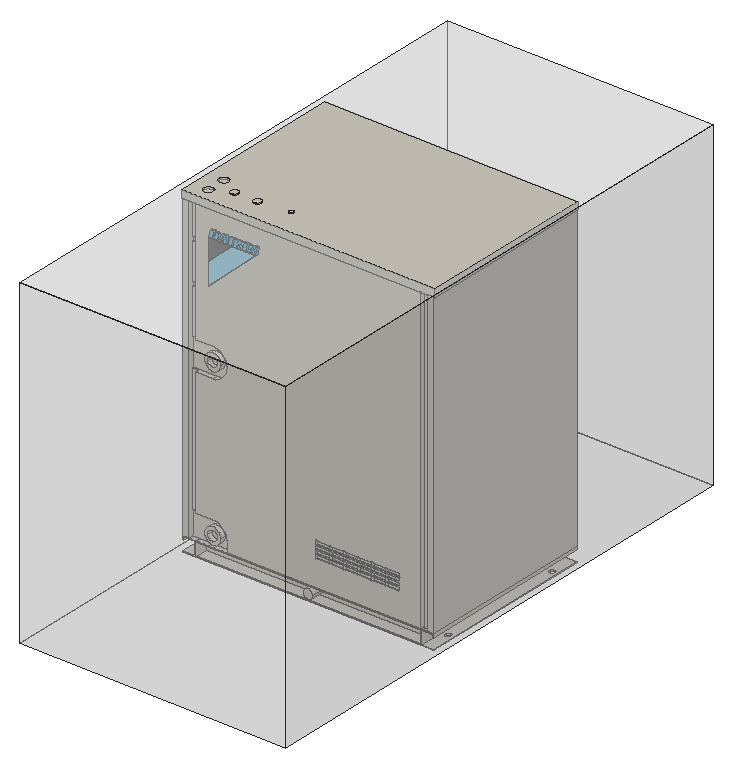
Revit family "outputfile", category 機械設備, Revit 2024
Family settings
  丸型コネクタ寸法 = 半径を使用
  種別 = なし
  パーツ タイプ = 標準
  OmniClass 番号 = 23.75.10.24.21.27.27
  OmniClass タイトル = Split System Air Conditioning Units
  作業面ベース = いいえ
  常に垂直 = はい
  ロード時にボイドで切り取り = いいえ
  注釈の向きを維持 = いいえ
  共有 = いいえ
  部屋計算ポイント = いいえ
Parameters (values of type "RWEYQ12TY1S")
  製造元 = "Daikin"
  書き出し IFC クラス(タイプ) = "IfcUnitaryEquipmentType"
  定義済み IFC タイプ(タイプ) = "AIRCONDITIONINGUNIT"
  モデル = "RWEYQ12TY1S"
  switch_unit1_6-8 = no
  switch_unit1_12 = yes
  switch_unit1_10 = no
  r_Water Outlet Pipe Connection_unit = Water Outlet Pipe Connection_Unit1 / 2  # 15.9 mm
  r_Water Inlet Pipe Connection_unit = Water Inlet Pipe Connection_Unit1 / 2  # 15.9 mm
  r_Drain Pipe Size = Drain Pipe Size / 2  # 6.35 mm
  lw_Water Outlet = 95.0 mm
  lw_Water Inlet = 95.0 mm
  lw_Drain = 390.0 mm
  angle_Drain [instance] = if(Rear Connection_Drain, 180.00°, 0.00°)  # 0.00°
  r_HP/LP Gas Pipe Size [instance] = [HP/LP Gas Pipe Size_Unit 1] / 2  # 11.1 mm
  lw_HP/LP Gas Pipe [instance] = if(Heat Pump, 178.0 mm, 107.0 mm)  # 178.0 mm
  ld_HP/LP Gas Pipe = 69.0 mm
  h_mountinghole = [h_***] + 2.3 mm  # 2.3 mm
  r_Liquid Pipe Size = Liquid Pipe Size_Unit 1 / 2  # 6.35 mm
  r_Gas Pipe Size = Gas Pipe Size_Unit 1 / 2  # 11.1 mm
  Water Outlet Pipe Connection_Unit1 = 31.8 mm
  Water Inlet Pipe Connection_Unit1 = 31.8 mm
  Voltage_comment_50Hz = "380-415"
  Voltage_50Hz = 400 V
  Top Connection_powersupply2 [instance] = not(Top Connection_powersupply1)  # no
  Sound Power Level (dB) = 72
  Rear Connection_Drain [instance] = not(Front Connection_Drain)  # no
  Power Input (Heating) = 7.870 kW
  Phase_50Hz = 3
  Nominal Heating Capacity = 37.500 kW
  Minimum Circuit Amps_50Hz = 13.6 A
  Maximum Fuse Amps_50Hz = 15.0 A
  Material_Heat Exchanger = DAIKIN_Blue_HE_outdoorunit
  Material_Casing = DAIKIN_IvoryWhite_Casing_outdoorunit
  lw_powersupply = 51.0 mm
  lw_liquidpipe = 274.0 mm
  lw_gaspipe [instance] = if(Heat Pump, 107.0 mm, 178.0 mm)  # 107.0 mm
  lh_powersupply = 940.0 mm
  ld_powersupply [instance] = if(Top Connection_powersupply1, 38.0 mm, 98.0 mm)  # 38.0 mm
  ld_liquidpipe = 79.0 mm
  ld_gaspipe = 69.0 mm
  h_*** = 0.0 mm
  Width = 780.0 mm
  Version = "ver.1.0"
  Unit Type = ""
  Unit Mass Weight = 147.00 kg
  Unit Designation [instance] = ""
  Uniclass2015Version = "Products v1.30"
  Uniclass2015Title = "Variable refrigerant flow units"
  Uniclass2015Code = "Pr_70_65_03_94"
  Total Cooling Capacity [instance] = 0.000 kW
  Sound Pressure Level (dBA) = 53
  Series = "VRV Heat Recovery"
  Refrigerant_Base Charge = 4.200 kg
  Refrigerant_Additional Charge [instance] = 0.000 kg
  Refrigerant Type = "R410A"
  Power Input (Cooling) = 7.330 kW
  Option Accessory 3 [instance] = ""
  Option Accessory 2 [instance] = ""
  Option Accessory 1 [instance] = ""
  Nominal Cooling Capacity = 33.500 kW
  Load Classification = HVAC
  Liquid Pipe Size_Unit 1 = 12.7 mm
  Link_Nested Family [instance] = ""
  IfcVersion = ""
  IfcExportType = "AIRCONDITIONINGUNIT"
  IfcExportAs = "IfcUnitaryEquipmentType"
  Height = 1000.0 mm
  Heat Recovery [instance] = not(Heat Pump)  # no
  Heat Pump [instance] = yes
  Heat Exchanger Type = "Stainless Steel Plate"
  HP/LP Gas Pipe Size_Unit 1 [instance] = if(and(Heat Pump, [switch_unit1_6-8]), 19.1 mm, if(and(Heat Pump, switch_unit1_10), 22.2 mm, if(and(Heat Pump, switch_unit1_12), 22.2 mm, if(and(Heat Recovery, [switch_unit1_6-8]), 15.9 mm, if(and(Heat Recovery, switch_unit1_10), 19.1 mm, if(and(Heat Recovery, switch_unit1_12), 19.1 mm, 19.1 mm))))))  # 22.2 mm
  Gas Pipe Size_Unit 1 = 22.2 mm
  Top Connection_powersupply1 [instance] = yes
  Front Connection_Drain [instance] = yes
  Frequency_50Hz = 50 Hz
  Drain Pipe Size = 12.7 mm
  Depth = 550.0 mm
  既定の高さ = 0.0 mm
  Cooling Ambient Wet Bulb Temperature [instance] = 0.00 °C
  Cooling Ambient Dry Bulb Temperature [instance] = 0.00 °C
  Compressor Type = "Hermetically Sealed Scroll Type"
  Clearance visibility [instance] = yes
  Clearance Top = 0.0 mm
  Clearance Right = 20.0 mm
  Clearance Rear = 500.0 mm
  Clearance Left = 20.0 mm
  Clearance Front = 600.0 mm
  Clearance Bottom = 0.0 mm
  CU Tag No. [instance] = ""
Reference planes
  plane 1 "Center (Front/Back)": y = 0
  plane 2 "h_***": z = 0
  plane 3 "Center (Left/Right)": x = 0
  plane 4 "Back": y = 275
  plane 5 "Front": y = -275
  plane 6 "Left": x = -390
  plane 7 "Right": x = 390
  plane 8 "Top": z = 1000
  plane 9 "Clearance Rear": y = 775
  plane 10 "Clearance Front": y = -875
  plane 11 "Clearance Left": x = -410
  plane 12 "Clearance Right": x = 410
  plane 13 "Clearance Top": z = 1000
  plane 14 "Clearance Bottom": z = 0
  plane 15 "Bottom": z = 0
  plane 16 "lw_powersupply": x = -339
  plane 17 "ld_powersupply": y = -237
  plane 18 "lw_liquidpipe": x = -116
  plane 19 "Rear Connection_refrigetant": y = -196
  plane 20 "lw_gaspipe": x = -283
  plane 21 "ld_gaspipe": y = -206
  plane 22 "lh_logo": z = 900
  plane 23 "lw_logo": x = 100
  plane 24 "lh_powersupply": z = 940
  plane 25 "lw_HP/LP Gas Pipe": x = -212
  plane 26 "ld_HP/LP Gas Pipe": y = -206
  plane 27 "lw_Water Inlet": x = -295
  plane 28 "lw_Water Outlet": x = -295
  plane 29 "lw_Drain": x = 0
Dimensions and locks
  equal spacing: plane 4 "Back", plane 1 "Center (Front/Back)", plane 5 "Front"
  "Depth": plane 4 "Back" to plane 5 "Front"
  equal spacing: plane 6 "Left", plane 3 "Center (Left/Right)", plane 7 "Right"
  "Width": plane 6 "Left" to plane 7 "Right"
  "Clearance Rear": plane 9 "Clearance Rear" to plane 4 "Back"
  "Clearance Front": plane 10 "Clearance Front" to plane 5 "Front"
  "Clearance Left": plane 11 "Clearance Left" to plane 6 "Left"
  "Clearance Right": plane 7 "Right" to plane 12 "Clearance Right"
  "Clearance Top": plane 13 "Clearance Top" to plane 8 "Top"
  "h_***": plane 15 "Bottom" to plane 2 "h_***"
  "Height": plane 8 "Top" to plane 15 "Bottom"
  "Clearance Bottom": plane 15 "Bottom" to plane 14 "Clearance Bottom"
  "ld_powersupply": plane 17 "ld_powersupply" to plane 5 "Front"
  "ld_liquidpipe": plane 19 "Rear Connection_refrigetant" to plane 5 "Front"
  "ld_gaspipe": plane 21 "ld_gaspipe" to plane 5 "Front"
  locked: plane 23 "lw_logo" to plane 7 "Right" at 290
  locked: plane 22 "lh_logo" to plane 15 "Bottom" at 900
  "lw_gaspipe": plane 6 "Left" to plane 20 "lw_gaspipe"
  "lw_liquidpipe": plane 6 "Left" to plane 18 "lw_liquidpipe"
  "lw_powersupply": plane 6 "Left" to plane 16 "lw_powersupply"
  "lh_powersupply": plane 24 "lh_powersupply" to plane 15 "Bottom"
  "lw_HP/LP Gas Pipe": plane 6 "Left" to plane 25 "lw_HP/LP Gas Pipe"
  "ld_HP/LP Gas Pipe": plane 26 "ld_HP/LP Gas Pipe" to plane 5 "Front"
  "lw_Water Inlet": plane 6 "Left" to plane 27 "lw_Water Inlet"
  "lw_Water Outlet": plane 6 "Left" to plane 28 "lw_Water Outlet"
  "lw_Drain": plane 6 "Left" to plane 29 "lw_Drain"
  aligned and locked: level to plane 2 "h_***"
  aligned and locked: plane 9 "Clearance Rear" to nested 2
  aligned and locked: nested 2 to plane 10 "Clearance Front"
  aligned and locked: plane 11 "Clearance Left" to nested 2
  aligned and locked: plane 12 "Clearance Right" to nested 2
  aligned and locked: plane 13 "Clearance Top" to nested 2
  aligned and locked: plane 14 "Clearance Bottom" to nested 2
  aligned and locked: plane 8 "Top" to nested 1
  aligned and locked: plane 22 "lh_logo" to nested 7
  aligned and locked: nested 8 to plane 16 "lw_powersupply"
  aligned and locked: nested 9 to plane 20 "lw_gaspipe"
  aligned and locked: nested 10 to plane 18 "lw_liquidpipe"
  aligned and locked: nested 10 to plane 19 "Rear Connection_refrigetant"
  aligned and locked: nested 9 to plane 21 "ld_gaspipe"
  aligned and locked: nested 8 to plane 17 "ld_powersupply"
  aligned and locked: plane 5 "Front" to nested 7
  aligned and locked: plane 24 "lh_powersupply" to nested 8
  aligned and locked: plane 1 "Center (Front/Back)" to nested 11
  aligned and locked: plane 1 "Center (Front/Back)" to nested 12
  aligned and locked: plane 1 "Center (Front/Back)" to nested 13
  aligned and locked: plane 27 "lw_Water Inlet" to nested 11
  aligned and locked: plane 28 "lw_Water Outlet" to nested 12
  aligned and locked: plane 29 "lw_Drain" to nested 13
  aligned and locked: plane 25 "lw_HP/LP Gas Pipe" to nested 14
  aligned and locked: nested 14 to plane 26 "ld_HP/LP Gas Pipe"
Nested families
  nested 1: "DAIKIN_outdoorunit_RWEYQ-TY1S" at (-31, 0, 0), h_*** <- "h_***", Link_Nest <- "Link_Nested Family", h_mountinghole <- "h_mountinghole", Width <- "Width", type "RWEYQ-TY1S"
    with show_fixedhole yes, h_mountinghole 2.3 mm, h_antenna_mountinghole 998.7 mm, h_*** 0.0 mm, array_bolt 5, Width 780.0 mm, Link_Nest "", switch_unit1_6-8 no, switch_unit1_12 yes, Liquid Pipe Size_Unit 1 12.7 mm, Heat Recovery no, Heat Pump yes, HP/LP Pipe Size_Unit 1_L 178.0 mm, HP/LP Pipe Size_Unit 1 22.2 mm, Gas Pipe Size_Unit 1_L 107.0 mm, Gas Pipe Size_Unit 1 22.2 mm
  nested 2: "daikin_clearancespace" at (0, -50, 500.119), visible <- "Clearance visibility", show <- "Clearance visibility", Link_Nested Family <- "Link_Nested Family", type "daikin_clearancespace"
    with width 820.0 mm, show yes, height 1000.0 mm, depth 1650.0 mm, Link_Nested Family ""
  nested 3: "daikin_mountinghole" at (-372, 200, 0), type "daikin_mountinghole"
    with show yes, l_antenna 998.7 mm, h_mountinghole 2.3 mm, Link_Nested Family ""
  nested 4: "daikin_mountinghole" at (372, 200, 0), type "daikin_mountinghole"
    with show yes, l_antenna 998.7 mm, h_mountinghole 2.3 mm, Link_Nested Family ""
  nested 5: "daikin_mountinghole" at (-372, -200, 0), type "daikin_mountinghole"
    with show yes, l_antenna 998.7 mm, h_mountinghole 2.3 mm, Link_Nested Family ""
  nested 6: "daikin_mountinghole" at (372, -200, 0), type "daikin_mountinghole"
    with show yes, l_antenna 998.7 mm, h_mountinghole 2.3 mm, Link_Nested Family ""
  nested 7: "daikin_logo_elevation_w150" at (-212.5, -275, 744.568), type "daikin_logo_elevation_w150"
    with show_logo yes
  nested 8: "daikin_connector_rotate3" at (-339, -237, 940) x (-1, 0, 0) z (0, 0, -1), type "daikin_connector_rotate3"
    with show no, radius 10.0 mm, length 60.0 mm, angle_vertical 0.00°, angle_horizontal 0.00°
  nested 9: "daikin_connector_rotate3" at (-283, -206, 940) x (-1, 0, 0) z (0, 0, -1), radius <- "r_Gas Pipe Size", type "daikin_connector_rotate3"
    with show no, radius 11.1 mm, length 60.0 mm, angle_vertical 0.00°, angle_horizontal 0.00°
  nested 10: "daikin_connector_rotate3" at (-116, -196, 940) x (-1, 0, 0) z (0, 0, -1), radius <- "r_Liquid Pipe Size", type "daikin_connector_rotate3"
    with show no, radius 6.35 mm, length 60.0 mm, angle_vertical 0.00°, angle_horizontal 0.00°
  nested 11: "daikin_connector_rotate3" at (-295, 0, 76), radius <- "r_Water Inlet Pipe Connection_unit", type "daikin_connector_rotate3"
    with show no, radius 15.9 mm, length 275.0 mm, angle_vertical 90.00°, angle_horizontal 0.00°
  nested 12: "daikin_connector_rotate3" at (-295, 0, 556), radius <- "r_Water Outlet Pipe Connection_unit", type "daikin_connector_rotate3"
    with show no, radius 15.9 mm, length 275.0 mm, angle_vertical 90.00°, angle_horizontal 0.00°
  nested 13: "daikin_connector_rotate3" at (0, 0, 19), angle_horizontal <- "angle_Drain", radius <- "r_Drain Pipe Size", type "daikin_connector_rotate3"
    with show no, radius 6.35 mm, length 275.0 mm, angle_vertical 90.00°, angle_horizontal 0.00°
  nested 14: "daikin_connector_rotate3" at (-212, -206, 940) x (1, 0, 0) z (0, 0, -1), radius <- "r_HP/LP Gas Pipe Size", type "daikin_connector_rotate3"
    with show no, radius 11.1 mm, length 60.0 mm, angle_vertical 0.00°, angle_horizontal 0.00°
Connectors
  piping at (-116, -196, 1000), diameter 12.7, driven by "r_Liquid Pipe Size"
    settings: on nested 10, index 12, connector inside diameter 609.6 mm, connector length 0.0 mm, flow factor 0, pipe flow 0.00 m³/h, pressure drop 0.0 Pa, fitting loss kfactor 0, connector angle 0.00°, fixture units 0, engagement length 0.0 mm, angle of deflection 0.00°, flow configuration 0, flow direction 2, fitting loss method 0, system type 29, joint type 0, gender type 0, connector reference index -1, connector utility 0, adjustable connector no, is connector primary no, connector description "Refrigerant Liquid Piping"
  electrical at (-339, -237, 1000), driven by "Load Classification"
    settings: on nested 8, index 13, voltage 0 V, apparent load 0 VA, apparent load phase1 0 VA, apparent load phase2 0 VA, apparent load phase3 0 VA, power factor 1, load classification "HVAC", number of poles 1, system type 30, power factor state 1, is connector primary yes, connector utility no, sub classification motor no, connector description "Power Supply"
  piping at (-295, -275, 556), diameter 31.8, driven by "r_Water Outlet Pipe Connection_unit"
    settings: on nested 12, index 15, connector inside diameter 609.6 mm, connector length 0.0 mm, flow factor 0, pipe flow 0.00 m³/h, pressure drop 0.0 Pa, fitting loss kfactor 0, connector angle 0.00°, fixture units 0, engagement length 0.0 mm, angle of deflection 0.00°, flow configuration 1, flow direction 2, fitting loss method 0, system type 8, joint type 0, gender type 0, connector reference index -1, connector utility 0, adjustable connector no, is connector primary no, connector description "Cooling Water Outlet Piping"
  piping at (-295, -275, 76), diameter 31.8, driven by "r_Water Inlet Pipe Connection_unit"
    settings: on nested 11, index 16, connector inside diameter 609.6 mm, connector length 0.0 mm, flow factor 0, pipe flow 0.00 m³/h, pressure drop 0.0 Pa, fitting loss kfactor 0, connector angle 0.00°, fixture units 0, engagement length 0.0 mm, angle of deflection 0.00°, flow configuration 1, flow direction 1, fitting loss method 0, system type 7, joint type 0, gender type 0, connector reference index -1, connector utility 0, adjustable connector no, is connector primary no, connector description "Cooling Water Inlet  Piping"
  piping at (0, -275, 19), diameter 12.7, driven by "r_Drain Pipe Size"
    settings: on nested 13, index 17, connector inside diameter 609.6 mm, connector length 0.0 mm, flow factor 0, pipe flow 0.00 m³/h, pressure drop 0.0 Pa, fitting loss kfactor 0, connector angle 0.00°, fixture units 0, engagement length 0.0 mm, angle of deflection 0.00°, flow configuration 1, flow direction 2, fitting loss method 4, system type 16, joint type 0, gender type 0, connector reference index -1, connector utility 0, adjustable connector no, is connector primary no, connector description "Condensate Drain Piping"
  piping at (-212, -206, 1000), diameter 22.2, driven by "r_HP/LP Gas Pipe Size"
    settings: on nested 14, index 19, connector inside diameter 609.6 mm, connector length 0.0 mm, flow factor 0, pipe flow 0.00 m³/h, pressure drop 0.0 Pa, fitting loss kfactor 0, connector angle 0.00°, fixture units 0, engagement length 0.0 mm, angle of deflection 0.00°, flow configuration 0, flow direction 0, fitting loss method 0, system type 29, joint type 0, gender type 0, connector reference index -1, connector utility 0, adjustable connector no, is connector primary no, connector description "Refrigerant HP/LP Gas Piping"
  piping at (-283, -206, 1000), diameter 22.2, driven by "r_Gas Pipe Size"
    settings: on nested 9, index 20, connector inside diameter 609.6 mm, connector length 0.0 mm, flow factor 0, pipe flow 0.00 m³/h, pressure drop 0.0 Pa, fitting loss kfactor 0, connector angle 0.00°, fixture units 0, engagement length 0.0 mm, angle of deflection 0.00°, flow configuration 0, flow direction 1, fitting loss method 0, system type 29, joint type 0, gender type 0, connector reference index -1, connector utility 0, adjustable connector no, is connector primary yes, connector description "Refrigerant Gas Piping"
Definition of nested family "DAIKIN_outdoorunit_RWEYQ-TY1S"
  Parameters (values of type "RWEYQ-TY1S")
    w_wiremesh_right = 668.0 mm  # constant formula
    w_wiremesh_left = 590.0 mm  # constant formula
    w_wiremesh_front = 248.0 mm  # constant formula
    switch_unit1_6-8 = yes
    switch_unit1_12 = no
    switch_unit1_10 = no
    show_fixedhole [instance] = yes
    material_heatexchanger = none
    material_casing = none
    ld_hole1_bottom = 154.0 mm  # constant formula
    h_wiremesh = 900.0 mm  # constant formula
    h_mountinghole [instance] = 2.3 mm
    h_antenna_mountinghole [instance] = Height + 1.0 mm - 2.3 mm  # 998.7 mm
    h_*** [instance] = 0.0 mm
    array_bolt [instance] = 5
    Width [instance] = 780.0 mm
    Liquid Pipe Size_Unit 1 = if([switch_unit1_6-8], 9.5 mm, if(switch_unit1_10, 9.5 mm, if(switch_unit1_12, 12.7 mm, 9.5 mm)))  # 9.5 mm
    Link_Nest [instance] = ""
    Height = 1000.0 mm
    Heat Recovery = not(Heat Pump)  # yes
    Heat Pump = no
    HP/LP Pipe Size_Unit 1_L = if(Heat Pump, 178.0 mm, 107.0 mm)  # 107.0 mm
    HP/LP Pipe Size_Unit 1 = if(Heat Recovery, if([switch_unit1_6-8], 15.9 mm, if(switch_unit1_10, 19.1 mm, if(switch_unit1_12, 19.1 mm, 15.9 mm))), if([switch_unit1_6-8], 19.1 mm, if(switch_unit1_10, 22.2 mm, if(switch_unit1_12, 22.2 mm, 19.1 mm))))  # 15.9 mm
    Gas Pipe Size_Unit 1_L = if(Heat Pump, 107.0 mm, 178.0 mm)  # 178.0 mm
    Gas Pipe Size_Unit 1_H = 60.0 mm  # constant formula
    Gas Pipe Size_Unit 1 = if([switch_unit1_6-8], 19.1 mm, if(switch_unit1_10, 22.2 mm, if(switch_unit1_12, 22.2 mm, 19.1 mm)))  # 19.1 mm
    Depth = 550.0 mm
    Default Elevation = 0.0 mm
  Reference planes
    plane 1 "Center (Front/Back)": y = 0
    plane 2 "reference_level": z = 0
    plane 3 "Center (Left/Right)": x = 31
    plane 4 "Bottom": z = 0
    plane 5: x = 421
    plane 6: x = -359
    plane 7 "Back": y = 275
    plane 8 "Front": y = -275
    plane 9: z = 1000
    plane 10: z = 976
    plane 11: y = -255
    plane 12: y = 255
    plane 13: x = -337
    plane 14: x = 399
    plane 15: x = -341
    plane 16: z = 45
    plane 17: x = 403
    plane 18: y = 200
    plane 19: y = -200
    plane 20: z = 1060
    plane 21: z = 19
    plane 22: z = 1000
    plane 23: z = 940
  Forms (mm)
    Extrusion 1, solid, material <- "material_heatexchanger"
      sketch origin (0, 0, 0) x (1, 0, 0) y (0, 1, 0)
        loop
          line (-337, 255) -> (-337, -255) -> (399, -255) -> (399, 255) -> (-337, 255)
      from 54 to 976
    Extrusion 2, void
      sketch origin (0, 350, 0) x (1, 0, 0) y (0, 1, 0)
        loop
          circle (-341, -150) r 8.5
        loop
          circle (403, -150) r 8.5
        loop
          circle (403, -550) r 8.5
        loop
          circle (-341, -550) r 8.5
      from 0 to 29.064
    Extrusion 3, solid, material <- "material_casing"
      sketch origin (620, -305, 0) x (-1, 0, 0) y (0, 0, 1)
        loop
          line (204.3, 35.061) -> (204.3, 42.7) -> (239.7, 42.7) -> (239.7, 2.3) -> (201, 2.3) -> (201, 0) -> (242, 0) -> (242, 45) -> (201, 45) -> (201, 35.061) -> (204.3, 35.061)
        loop
          line (973.7, 35.061) -> (977, 35.061) -> (977, 45) -> (936, 45) -> (936, 0) -> (977, 0) -> (977, 2.3) -> (938.3, 2.3) -> (938.3, 42.7) -> (973.7, 42.7) -> (973.7, 35.061)
      from 30 to 580
    Extrusion 4, solid, material <- "material_casing"
      sketch origin (31, 0, 0) x (0, 1, 0) y (0, 0, 1)
        loop
          line (-275, 45) -> (-275, 42.7) -> (-236.3, 42.7) -> (-236.3, 2.3) -> (-275, 2.3) -> (-275, 0) -> (-234, 0) -> (-234, 45) -> (-275, 45)
        loop
          line (275, 45) -> (234, 45) -> (234, 0) -> (275, 0) -> (275, 2.3) -> (236.3, 2.3) -> (236.3, 42.7) -> (275, 42.7) -> (275, 45)
      from -347 to 347
    Extrusion 5, solid, material <- "material_casing"
      sketch origin (0, 0, 0) x (1, 0, 0) y (0, 1, 0)
        loop
          circle (-85, -196) r 4.75
        loop
          circle (-252, -206) r 7.95
      from 940 to 1000
    Extrusion 6, solid, material <- "material_casing"
      sketch origin (-663.497, -190, 1200) x (-1, 0, 0) y (0, 0, 1)
        loop
          circle (-694.497, -1181) r 14
      from -85 to -46.3
    Extrusion 7, solid, material <- "material_casing"
      sketch origin (-663.497, 321.3, 1200) x (-1, 0, 0) y (0, 0, 1)
        loop
          circle (-694.497, -1181) r 14
      from -85 to -46.3
    Extrusion 8, solid, material <- "material_casing"
      sketch origin (0, -500, 0) x (1, 0, 0) y (0, 1, 0)
        loop
          circle (-181, 294) r 9.55
      from 940 to 1000
  Cuts and joins
    Extrusion 2 cuts Extrusion 3
  Dimensions and locks
    equal spacing: plane 6, plane 3 "Center (Left/Right)", plane 5
    "Width": plane 6 to plane 5
    locked: plane 9 to plane 10 at 24
    "Depth": plane 8 "Front" to plane 7 "Back"
    equal spacing: plane 7 "Back", plane 1 "Center (Front/Back)", plane 8 "Front"
    locked: plane 12 to plane 7 "Back" at 20
    locked: plane 11 to plane 8 "Front" at 20
    locked: plane 6 to plane 13 at 22
    locked: plane 14 to plane 5 at 22
    locked: plane 6 to plane 15 at 18
    "h_***": plane 4 "Bottom" to plane 2 "reference_level"
    locked: plane 16 to plane 4 "Bottom" at 45
    "Height": plane 9 to plane 4 "Bottom"
    locked: plane 5 to Extrusion 3 sketch curve at 2  (x2)
    locked: Extrusion 3 sketch curve to Extrusion 3 sketch curve at 41  (x2)
    locked: Extrusion 3 sketch curve to Extrusion 3 sketch curve at 3.3  (x2)
    locked: Extrusion 3 sketch curve to plane 6 at 2  (x2)
    locked: plane 8 "Front" to Extrusion 4 sketch curve at 41
    locked: Extrusion 4 sketch curve to plane 7 "Back" at 41
    locked: plane 17 to plane 5 at 18
    plane 19 to plane 8 "Front" = 75.0 mm
    locked: plane 18 to plane 7 "Back" at 75
    locked: Extrusion 5 sketch curve to plane 8 "Front" at 79
    locked: plane 6 to Extrusion 5 sketch curve at 274
    "HP/LP Pipe Size_Unit 1_L": plane 6 to Extrusion 5 sketch curve
    locked: Extrusion 5 sketch curve to plane 8 "Front" at 69
    locked: plane 20 to plane 9 at 60
    locked: plane 21 to plane 4 "Bottom" at 19
    locked: Extrusion 8 sketch curve to plane 8 "Front" at 69
    "Gas Pipe Size_Unit 1_L": plane 6 to Extrusion 8 sketch curve
    locked: plane 22 to plane 23 at 60
    "Gas Pipe Size_Unit 1_H": plane 20 to plane 22
    "HP/LP Pipe Size_Unit 1": diameter of Extrusion 5 sketch curve
    "Liquid Pipe Size_Unit 1": diameter of Extrusion 5 sketch curve
    "Gas Pipe Size_Unit 1": diameter of Extrusion 8 sketch curve
    aligned and locked: level to plane 2 "reference_level"
    aligned and locked: plane 12 to Extrusion 1 sketch curve
    aligned and locked: plane 11 to Extrusion 1 sketch curve
    aligned and locked: plane 13 to Extrusion 1 sketch curve
    aligned and locked: plane 14 to Extrusion 1 sketch curve
    aligned and locked: plane 10 to Extrusion 1
    aligned and locked: plane 11 to nested 1
    aligned and locked: plane 10 to nested 4
    aligned and locked: nested 5 to plane 9
    aligned and locked: plane 10 to nested 3
    aligned and locked: plane 10 to nested 2
    aligned and locked: plane 13 to nested 4
    aligned and locked: plane 14 to nested 2
    aligned and locked: plane 12 to nested 3
    aligned and locked: plane 15 to nested 7
    aligned and locked: plane 15 to nested 9
    aligned and locked: plane 8 "Front" to nested 5
    aligned and locked: plane 6 to nested 5
    aligned and locked: plane 10 to nested 1
    aligned and locked: plane 13 to nested 1
    aligned and locked: nested 2 to plane 1 "Center (Front/Back)"
    aligned and locked: nested 3 to plane 3 "Center (Left/Right)"
    aligned and locked: plane 1 "Center (Front/Back)" to nested 4
    aligned and locked: nested 6 to plane 3 "Center (Left/Right)"
    aligned and locked: plane 1 "Center (Front/Back)" to nested 6
    aligned and locked: plane 16 to Extrusion 3 sketch curve
    aligned and locked: Extrusion 3 sketch curve to plane 4 "Bottom"
    aligned and locked: Extrusion 3 sketch curve to plane 16
    aligned and locked: plane 4 "Bottom" to Extrusion 3 sketch curve
    aligned and locked: Extrusion 3 to plane 7 "Back"
    aligned and locked: Extrusion 3 to plane 8 "Front"
    aligned and locked: plane 8 "Front" to Extrusion 4 sketch curve  (x2)
    aligned and locked: plane 4 "Bottom" to Extrusion 4 sketch curve
    aligned and locked: Extrusion 4 sketch curve to plane 16
    aligned and locked: Extrusion 4 sketch curve to plane 7 "Back"  (x2)
    aligned and locked: plane 18 to Extrusion 2 sketch curve  (x2)
    aligned and locked: plane 15 to Extrusion 2 sketch curve  (x2)
    aligned and locked: plane 17 to Extrusion 2 sketch curve  (x2)
    aligned and locked: plane 17 to nested 8
    aligned and locked: plane 18 to nested 8
    aligned and locked: plane 18 to nested 7
    aligned and locked: nested 7 to plane 15
    aligned and locked: nested 9 to plane 19
    aligned and locked: nested 9 to plane 15
    aligned and locked: nested 10 to plane 19
    aligned and locked: plane 17 to nested 10
    aligned and locked: plane 19 to Extrusion 2 sketch curve  (x2)
    aligned and locked: plane 3 "Center (Left/Right)" to Extrusion 6 sketch curve
    aligned and locked: plane 21 to Extrusion 6 sketch curve
    aligned and locked: plane 22 to Extrusion 8
    aligned and locked: Extrusion 8 to plane 23
    aligned and locked: Extrusion 5 to plane 23
    aligned and locked: Extrusion 5 to plane 22
  Automatic sketch dimensions
    Extrusion 3 sketch curve to Extrusion 3 sketch curve = 2.3 mm  (x2)
    level to Extrusion 3 sketch curve = 2.3 mm  (x2)
    Extrusion 3 sketch curve to plane 16 = 9.939 mm  (x2)
    Extrusion 3 sketch curve to plane 16 = 2.3 mm  (x2)
    Extrusion 4 sketch curve to level = 0.0 mm
    Extrusion 4 sketch curve to plane 16 = 0.0 mm
    Extrusion 4 sketch curve to Extrusion 4 sketch curve = 2.3 mm  (x2)
    level to Extrusion 4 sketch curve = 2.3 mm  (x2)
    Extrusion 4 sketch curve to plane 16 = 2.3 mm  (x2)
    Extrusion 7 sketch curve to plane 3 "Center (Left/Right)" = 0.0 mm
    Extrusion 7 sketch curve to plane 21 = 0.0 mm
    radius of Extrusion 2 sketch curve = 8.5 mm  (x4)
    radius of Extrusion 6 sketch curve = 14.0 mm
    radius of Extrusion 7 sketch curve = 14.0 mm
  Nested families
    nested 1: "outdoorunit_frontpanel" at (-337, -265, 45), material <- "material_casing", type "frontpanel1"
      with material none
    nested 2: "outdoorunit_rightpanel1" at (409, -275, 45) x (0, 1, 0) z (0, 0, 1), material <- "material_casing", type "frontpanel1"
      with material none
    nested 3: "outdoorunit_backpanel" at (399, 265, 45) x (-1, 0, 0) z (0, 0, 1), material <- "material_casing", type "frontpanel1"
      with material none
    nested 4: "outdoorunit_leftpanel" at (-347, 275, 45) x (0, -1, 0) z (0, 0, 1), material <- "material_casing", type "frontpanel1"
      with material none
    nested 5: "outdoorunit_uppanel" at (-359, -275, 988) x (1, 0, 0) z (0, 1, 0), material <- "material_casing", type "frontpanel1"
      with material none
    nested 6: "outdoorunit_downpanel" at (399, 255, 56) x (-1, 0, 0) z (0, -1, 0), material <- "material_casing", type "frontpanel1"
      with material none
    nested 7: "daikin_mountinghole" at (-341, 200, 0), visible <- "show_fixedhole", Link_Nested Family <- "Link_Nest", l_antenna <- "h_antenna_mountinghole", h_mountinghole <- "h_mountinghole", type "daikin_mountinghole"
      with show yes, l_antenna 998.7 mm, h_mountinghole 2.3 mm, Link_Nested Family ""
    nested 8: "daikin_mountinghole" at (403, 200, 0), visible <- "show_fixedhole", Link_Nested Family <- "Link_Nest", l_antenna <- "h_antenna_mountinghole", h_mountinghole <- "h_mountinghole", type "daikin_mountinghole"
      with show yes, l_antenna 998.7 mm, h_mountinghole 2.3 mm, Link_Nested Family ""
    nested 9: "daikin_mountinghole" at (-341, -200, 0), visible <- "show_fixedhole", Link_Nested Family <- "Link_Nest", l_antenna <- "h_antenna_mountinghole", h_mountinghole <- "h_mountinghole", type "daikin_mountinghole"
      with show yes, l_antenna 998.7 mm, h_mountinghole 2.3 mm, Link_Nested Family ""
    nested 10: "daikin_mountinghole" at (403, -200, 0), visible <- "show_fixedhole", Link_Nested Family <- "Link_Nest", l_antenna <- "h_antenna_mountinghole", h_mountinghole <- "h_mountinghole", type "daikin_mountinghole"
      with show yes, l_antenna 998.7 mm, h_mountinghole 2.3 mm, Link_Nested Family ""
  Definition of nested family "outdoorunit_frontpanel"
    Parameters (values of type "frontpanel1")
      width = 736.0 mm
      material [instance] = none
      height1 = 931.0 mm
      depth = 20.0 mm
      Default Elevation = 0.0 mm
    Reference planes
      plane 1 "Center (Front/Back)": y = 0
      plane 2 "Bottom": z = 0
      plane 3: x = 0
      plane 4 "Back": y = 10
      plane 5 "Front": y = -10
      plane 6: x = 736
      plane 7 "Top": z = 931
      plane 8 "Left": x = 0
      plane 9 "Center L/S": y = 5
      plane 10 "Center L/T": y = -5
    Forms (mm)
      Extrusion 1, solid, material <- "material"
        sketch origin (0, 0, 0) x (1, 0, 0) y (0, 1, 0)
          loop
            line (0, 10) -> (0, -10) -> (736, -10) -> (736, 10) -> (0, 10)
        from 0 to 931
      Extrusion 2, void
        sketch origin (0, 0, 0) x (1, 0, 0) y (0, 0, 1)
          loop
            line (0, 931) -> (0, 0) -> (21, 0) -> (21, 931) -> (0, 931)
          loop
            line (736, 931) -> (715, 931) -> (715, 0) -> (736, 0) -> (736, 931)
        from 0 to 250
      Extrusion 3, void
        sketch origin (0, 0, 0) x (1, 0, 0) y (0, 0, 1)
          loop
            line (2, 931) -> (-33, 931) -> (-33, -14) -> (118, -14) -> (118, 31)
            arc (118, 31) -> (104.82, 62.82) -> (73, 76) r 45
            line (73, 76) -> (2, 76) -> (2, 466) -> (73, 466)
            arc (73, 466) -> (118, 511) -> (73, 556) r 45
            line (73, 556) -> (2, 556) -> (2, 692) -> (10.5, 692)
            arc (10.5, 692) -> (18, 699.5) -> (10.5, 707) r 7.5
            line (10.5, 707) -> (2, 707) -> (2, 817) -> (10.5, 817)
            arc (10.5, 817) -> (18, 824.5) -> (10.5, 832) r 7.5
            line (10.5, 832) -> (2, 832) -> (2, 931)
        from -5 to 250
      Extrusion 4, void
        sketch origin (0, 0, 0) x (1, 0, 0) y (0, 0, 1)
          loop
            line (734, 931) -> (734, 0) -> (972.161, 0) -> (972.161, 931) -> (734, 931)
        from -5 to 250
      Extrusion 5, solid, material <- "material"
        sketch origin (0, 0, 0) x (1, 0, 0) y (0, 0, 1)
          loop
            circle (73, 511) r 25
          loop
            circle (73, 511) r 15.5
          loop
            circle (73, 31) r 25
          loop
            circle (73, 31) r 15.5
        from -5 to 10
      Extrusion 6, void
        sketch origin (0, 0, 0) x (1, 0, 0) y (0, 0, 1)
          loop
            line (390.8, 131) -> (390.8, 118.75) -> (433.5, 118.75) -> (433.5, 131) -> (390.8, 131)
          loop
            line (390.8, 80) -> (433.5, 80) -> (433.5, 92.25) -> (390.8, 92.25) -> (390.8, 80)
          loop
            line (390.8, 117.75) -> (390.8, 106) -> (433.5, 106) -> (433.5, 117.75) -> (390.8, 117.75)
          loop
            line (390.8, 105) -> (390.8, 93.25) -> (433.5, 93.25) -> (433.5, 105) -> (390.8, 105)
          loop
            line (476.7, 131) -> (434.5, 131) -> (434.5, 118.75) -> (476.7, 118.75) -> (476.7, 131)
          loop
            line (434.5, 80) -> (476.7, 80) -> (476.7, 92.25) -> (434.5, 92.25) -> (434.5, 80)
          loop
            line (434.5, 117.75) -> (434.5, 106) -> (476.7, 106) -> (476.7, 117.75) -> (434.5, 117.75)
          loop
            line (434.5, 105) -> (434.5, 93.25) -> (476.7, 93.25) -> (476.7, 105) -> (434.5, 105)
          loop
            line (519.9, 131) -> (477.7, 131) -> (477.7, 118.75) -> (519.9, 118.75) -> (519.9, 131)
          loop
            line (477.7, 80) -> (519.9, 80) -> (519.9, 92.25) -> (477.7, 92.25) -> (477.7, 80)
          loop
            line (477.7, 117.75) -> (477.7, 106) -> (519.9, 106) -> (519.9, 117.75) -> (477.7, 117.75)
          loop
            line (477.7, 105) -> (477.7, 93.25) -> (519.9, 93.25) -> (519.9, 105) -> (477.7, 105)
          loop
            line (563.1, 131) -> (520.9, 131) -> (520.9, 118.75) -> (563.1, 118.75) -> (563.1, 131)
          loop
            line (520.9, 80) -> (563.1, 80) -> (563.1, 92.25) -> (520.9, 92.25) -> (520.9, 80)
          loop
            line (520.9, 117.75) -> (520.9, 106) -> (563.1, 106) -> (563.1, 117.75) -> (520.9, 117.75)
          loop
            line (520.9, 105) -> (520.9, 93.25) -> (563.1, 93.25) -> (563.1, 105) -> (520.9, 105)
          loop
            line (606.3, 131) -> (564.1, 131) -> (564.1, 118.75) -> (606.3, 118.75) -> (606.3, 131)
          loop
            line (564.1, 80) -> (606.3, 80) -> (606.3, 92.25) -> (564.1, 92.25) -> (564.1, 80)
          loop
            line (564.1, 117.75) -> (564.1, 106) -> (606.3, 106) -> (606.3, 117.75) -> (564.1, 117.75)
          loop
            line (564.1, 105) -> (564.1, 93.25) -> (606.3, 93.25) -> (606.3, 105) -> (564.1, 105)
          loop
            line (650, 131) -> (607.3, 131) -> (607.3, 118.75) -> (650, 118.75) -> (650, 131)
          loop
            line (607.3, 80) -> (650, 80) -> (650, 92.25) -> (607.3, 92.25) -> (607.3, 80)
          loop
            line (607.3, 117.75) -> (607.3, 106) -> (650, 106) -> (650, 117.75) -> (607.3, 117.75)
          loop
            line (607.3, 105) -> (607.3, 93.25) -> (650, 93.25) -> (650, 105) -> (607.3, 105)
        from 5 to 250
    Cuts and joins
      Extrusion 2, Extrusion 3, Extrusion 4, Extrusion 6 cuts Extrusion 1
    Dimensions and locks
      equal spacing: plane 4 "Back", plane 1 "Center (Front/Back)", plane 5 "Front"
      "depth": plane 4 "Back" to plane 5 "Front"
      "width": plane 8 "Left" to plane 6
      "height1": plane 7 "Top" to plane 2 "Bottom"
      locked: plane 8 "Left" to Extrusion 2 sketch curve at 21
      locked: Extrusion 2 sketch curve to plane 6 at 21
      locked: plane 9 "Center L/S" to plane 1 "Center (Front/Back)" at 5
      locked: Extrusion 3 sketch curve to Extrusion 3 sketch curve at 15  (x2)
      locked: plane 7 "Top" to Extrusion 3 sketch curve at 99
      locked: Extrusion 3 sketch curve to plane 8 "Left" at 10.5
      locked: Extrusion 3 sketch curve to Extrusion 3 sketch curve at 125
      locked: Extrusion 3 sketch curve to Extrusion 3 sketch curve at 90  (x2)
      locked: Extrusion 3 sketch curve to plane 8 "Left" at 73
      locked: Extrusion 3 sketch curve to Extrusion 3 sketch curve at 136
      locked: Extrusion 3 sketch curve to plane 2 "Bottom" at 76
      locked: Extrusion 3 sketch curve to Extrusion 3 sketch curve at 390
      locked: plane 6 to Extrusion 4 sketch curve at 2
      locked: plane 10 "Center L/T" to plane 1 "Center (Front/Back)" at 5
      aligned and locked: level to plane 2 "Bottom"
      aligned and locked: plane 8 "Left" to Extrusion 1 sketch curve
      aligned and locked: Extrusion 1 sketch curve to plane 4 "Back"
      aligned and locked: plane 5 "Front" to Extrusion 1 sketch curve
      aligned and locked: Extrusion 1 to plane 2 "Bottom"
      aligned and locked: plane 7 "Top" to Extrusion 1
      aligned and locked: plane 3 to plane 8 "Left"
      aligned and locked: plane 8 "Left" to Extrusion 2 sketch curve
      aligned and locked: Extrusion 2 sketch curve to plane 7 "Top"
      aligned and locked: plane 2 "Bottom" to Extrusion 2 sketch curve
      aligned and locked: Extrusion 2 sketch curve to plane 2 "Bottom"
      aligned and locked: plane 6 to Extrusion 2 sketch curve
      aligned and locked: plane 7 "Top" to Extrusion 2 sketch curve
      aligned and locked: Extrusion 2 to plane 1 "Center (Front/Back)"
      aligned and locked: plane 9 "Center L/S" to Extrusion 3
      aligned and locked: Extrusion 4 sketch curve to plane 7 "Top"
      aligned and locked: plane 2 "Bottom" to Extrusion 4 sketch curve
      aligned and locked: Extrusion 4 to plane 9 "Center L/S"
      aligned and locked: Extrusion 5 to plane 5 "Front"
      aligned and locked: plane 9 "Center L/S" to Extrusion 5
      aligned and locked: Extrusion 6 to plane 10 "Center L/T"
    Automatic sketch dimensions
      Extrusion 1 sketch curve to plane 6 = 0.0 mm
      Extrusion 3 sketch curve to plane 7 "Top" = 0.0 mm
      plane 3 to Extrusion 3 sketch curve = 2.0 mm  (x4)
      plane 3 to Extrusion 3 sketch curve = 10.5 mm
      Extrusion 3 sketch curve to Extrusion 3 sketch curve = 71.0 mm
      level to Extrusion 3 sketch curve = 31.0 mm
      Extrusion 3 sketch curve to plane 3 = 33.0 mm
      plane 6 to Extrusion 4 sketch curve = 236.161 mm
      Extrusion 5 sketch curve to Extrusion 5 sketch curve = 0.0 mm  (x4)
      plane 3 to Extrusion 5 sketch curve = 73.0 mm  (x2)
      level to Extrusion 5 sketch curve = 31.0 mm
      Extrusion 5 sketch curve to plane 7 "Top" = 420.0 mm
      level to Extrusion 6 sketch curve = 131.0 mm
      Extrusion 6 sketch curve to plane 6 = 345.2 mm
      Extrusion 6 sketch curve to Extrusion 6 sketch curve = 0.0 mm  (x40)
      Extrusion 6 sketch curve to Extrusion 6 sketch curve = 42.7 mm  (x2)
      Extrusion 6 sketch curve to Extrusion 6 sketch curve = 1.0 mm  (x32)
      Extrusion 6 sketch curve to Extrusion 6 sketch curve = 42.2 mm  (x4)
      Extrusion 6 sketch curve to Extrusion 6 sketch curve = 12.25 mm  (x7)
      Extrusion 6 sketch curve to Extrusion 6 sketch curve = 11.75 mm  (x9)
      radius of Extrusion 5 sketch curve = 25.0 mm  (x2)
      radius of Extrusion 5 sketch curve = 15.5 mm  (x2)
  Definition of nested family "outdoorunit_rightpanel1"
    Parameters (values of type "frontpanel1")
      width = 550.0 mm
      material [instance] = none
      height1 = 931.0 mm
      depth = 20.0 mm
      Default Elevation = 0.0 mm
    Reference planes
      plane 1 "Center (Front/Back)": y = 0
      plane 2 "Bottom": z = 0
      plane 3: x = 0
      plane 4 "Back": y = 10
      plane 5 "Front": y = -10
      plane 6: x = 550
      plane 7 "Top": z = 931
      plane 8 "Left": x = 0
      plane 9: y = -8.75
      plane 10: z = 639
      plane 11: y = -5.75
      plane 12: y = -2.551
      plane 13: y = -13
      plane 14: x = 275
    Forms (mm)
      Extrusion 1, solid, material <- "material"
        sketch origin (0, 0, 0) x (1, 0, 0) y (0, 1, 0)
          loop
            line (0, 10) -> (0, -10) -> (550, -10) -> (550, 10) -> (0, 10)
        from 0 to 931
    Dimensions and locks
      equal spacing: plane 4 "Back", plane 1 "Center (Front/Back)", plane 5 "Front"
      "depth": plane 4 "Back" to plane 5 "Front"
      "width": plane 8 "Left" to plane 6
      "height1": plane 7 "Top" to plane 2 "Bottom"
      locked: plane 10 to plane 2 "Bottom" at 639
      locked: plane 12 to plane 11 at 3.199
      plane 5 "Front" to plane 13 = 3.0 mm
      equal spacing: plane 8 "Left", plane 14, plane 6
      aligned and locked: level to plane 2 "Bottom"
      aligned and locked: plane 8 "Left" to Extrusion 1 sketch curve
      aligned and locked: Extrusion 1 sketch curve to plane 4 "Back"
      aligned and locked: plane 5 "Front" to Extrusion 1 sketch curve
      aligned and locked: Extrusion 1 to plane 2 "Bottom"
      aligned and locked: plane 7 "Top" to Extrusion 1
      aligned and locked: plane 3 to plane 8 "Left"
    Automatic sketch dimensions
      Extrusion 1 sketch curve to plane 6 = 0.0 mm
  Definition of nested family "outdoorunit_backpanel"
    Parameters (values of type "frontpanel1")
      width = 736.0 mm
      material [instance] = none
      height1 = 931.0 mm
      depth = 20.0 mm
      Default Elevation = 0.0 mm
    Reference planes
      plane 1 "Center (Front/Back)": y = 0
      plane 2 "Bottom": z = 0
      plane 3: x = 0
      plane 4 "Back": y = 10
      plane 5 "Front": y = -10
      plane 6: x = 736
      plane 7 "Top": z = 931
      plane 8 "Left": x = 0
      plane 9: z = 639
      plane 10: x = 368
    Forms (mm)
      Extrusion 1, solid, material <- "material"
        sketch origin (0, 0, 0) x (1, 0, 0) y (0, 1, 0)
          loop
            line (0, 10) -> (0, -10) -> (736, -10) -> (736, 10) -> (0, 10)
        from 0 to 931
      Extrusion 2, void
        sketch origin (0, 0, 0) x (1, 0, 0) y (0, 1, 0)
          loop
            line (0, -4) -> (0, -10) -> (21, -10) -> (21, -7) -> (2, -7) -> (2, -4) -> (0, -4)
          loop
            line (736, -4) -> (734, -4) -> (734, -7) -> (715, -7) -> (715, -10) -> (736, -10) -> (736, -4)
        from 0 to 931
    Cuts and joins
      Extrusion 2 cuts Extrusion 1
    Dimensions and locks
      equal spacing: plane 4 "Back", plane 1 "Center (Front/Back)", plane 5 "Front"
      "depth": plane 4 "Back" to plane 5 "Front"
      "width": plane 8 "Left" to plane 6
      "height1": plane 7 "Top" to plane 2 "Bottom"
      locked: plane 9 to plane 2 "Bottom" at 639
      equal spacing: plane 8 "Left", plane 10, plane 6
      aligned and locked: level to plane 2 "Bottom"
      aligned and locked: plane 8 "Left" to Extrusion 1 sketch curve
      aligned and locked: Extrusion 1 sketch curve to plane 4 "Back"
      aligned and locked: plane 5 "Front" to Extrusion 1 sketch curve
      aligned and locked: Extrusion 1 to plane 2 "Bottom"
      aligned and locked: plane 7 "Top" to Extrusion 1
      aligned and locked: plane 3 to plane 8 "Left"
    Automatic sketch dimensions
      Extrusion 1 sketch curve to plane 6 = 0.0 mm
      Extrusion 2 sketch curve to plane 3 = 0.0 mm
      Extrusion 2 sketch curve to plane 5 "Front" = 0.0 mm  (x2)
      Extrusion 2 sketch curve to plane 6 = 0.0 mm
      plane 3 to Extrusion 2 sketch curve = 2.0 mm
      Extrusion 2 sketch curve to Extrusion 2 sketch curve = 19.0 mm
      Extrusion 2 sketch curve to Extrusion 2 sketch curve = 21.0 mm
      Extrusion 2 sketch curve to plane 6 = 2.0 mm
      Extrusion 2 sketch curve to Extrusion 2 sketch curve = 3.0 mm  (x4)
  Definition of nested family "outdoorunit_leftpanel"
    Parameters (values of type "frontpanel1")
      width = 550.0 mm
      material [instance] = none
      height1 = 931.0 mm
      depth = 20.0 mm
      Default Elevation = 0.0 mm
    Reference planes
      plane 1 "Center (Front/Back)": y = 0
      plane 2 "Bottom": z = 0
      plane 3: x = 0
      plane 4 "Back": y = 10
      plane 5 "Front": y = -10
      plane 6: x = 550
      plane 7 "Top": z = 931
      plane 8 "Left": x = 0
      plane 9: y = -8.75
      plane 10: z = 639
      plane 11: y = -5.75
      plane 12: y = -2.551
      plane 13: y = -13
      plane 14: x = 275
    Forms (mm)
      Extrusion 1, solid, material <- "material"
        sketch origin (0, 0, 0) x (1, 0, 0) y (0, 1, 0)
          loop
            line (0, 10) -> (0, -10) -> (550, -10) -> (550, 10) -> (0, 10)
        from 0 to 931
    Dimensions and locks
      equal spacing: plane 4 "Back", plane 1 "Center (Front/Back)", plane 5 "Front"
      "depth": plane 4 "Back" to plane 5 "Front"
      "width": plane 8 "Left" to plane 6
      "height1": plane 7 "Top" to plane 2 "Bottom"
      locked: plane 10 to plane 2 "Bottom" at 639
      locked: plane 12 to plane 11 at 3.199
      plane 5 "Front" to plane 13 = 3.0 mm
      equal spacing: plane 8 "Left", plane 14, plane 6
      aligned and locked: level to plane 2 "Bottom"
      aligned and locked: plane 8 "Left" to Extrusion 1 sketch curve
      aligned and locked: Extrusion 1 sketch curve to plane 4 "Back"
      aligned and locked: plane 5 "Front" to Extrusion 1 sketch curve
      aligned and locked: Extrusion 1 to plane 2 "Bottom"
      aligned and locked: plane 7 "Top" to Extrusion 1
      aligned and locked: plane 3 to plane 8 "Left"
    Automatic sketch dimensions
      Extrusion 1 sketch curve to plane 6 = 0.0 mm
  Definition of nested family "outdoorunit_uppanel"
    Parameters (values of type "frontpanel1")
      width = 780.0 mm
      material [instance] = none
      height1 = 550.0 mm
      depth = 24.0 mm
      Default Elevation = 0.0 mm
    Reference planes
      plane 1 "Center (Front/Back)": y = 0
      plane 2 "Bottom": z = 0
      plane 3: x = 0
      plane 4 "Back": y = 12
      plane 5 "Front": y = -12
      plane 6: x = 780
      plane 7 "Top": z = 550
      plane 8 "Left": x = 0
      plane 9: y = -8.75
      plane 10: z = 639
      plane 11: y = -5.75
      plane 12: y = -2.551
    Forms (mm)
      Extrusion 1, solid, material <- "material"
        sketch origin (0, 0, 0) x (1, 0, 0) y (0, 1, 0)
          loop
            line (0, 12) -> (0, -12) -> (780, -12) -> (780, 12) -> (0, 12)
        from 0 to 550
      Extrusion 2, void
        sketch origin (0, 0, 0) x (1, 0, 0) y (0, 0, 1)
          loop
            circle (51, 38) r 14.5
          loop
            circle (51, 98) r 14.5
        from 9 to 12
    Cuts and joins
      Extrusion 2 cuts Extrusion 1
    Dimensions and locks
      equal spacing: plane 4 "Back", plane 1 "Center (Front/Back)", plane 5 "Front"
      "depth": plane 4 "Back" to plane 5 "Front"
      "width": plane 8 "Left" to plane 6
      "height1": plane 7 "Top" to plane 2 "Bottom"
      locked: plane 10 to plane 2 "Bottom" at 639
      locked: Extrusion 2 sketch curve to plane 8 "Left" at 51  (x2)
      locked: Extrusion 2 sketch curve to level at 38
      locked: Extrusion 2 sketch curve to Extrusion 2 sketch curve at 60
      aligned and locked: level to plane 2 "Bottom"
      aligned and locked: plane 8 "Left" to Extrusion 1 sketch curve
      aligned and locked: Extrusion 1 sketch curve to plane 4 "Back"
      aligned and locked: Extrusion 1 sketch curve to plane 5 "Front"
      aligned and locked: Extrusion 1 to plane 2 "Bottom"
      aligned and locked: plane 7 "Top" to Extrusion 1
      aligned and locked: plane 3 to plane 8 "Left"
    Automatic sketch dimensions
      Extrusion 1 sketch curve to plane 6 = 0.0 mm
      radius of Extrusion 2 sketch curve = 14.5 mm  (x2)
  Definition of nested family "outdoorunit_downpanel"
    Parameters (values of type "frontpanel1")
      width = 736.0 mm
      material [instance] = none
      height1 = 510.0 mm
      depth = 20.0 mm
      Default Elevation = 0.0 mm
    Reference planes
      plane 1 "Center (Front/Back)": y = 0
      plane 2 "Bottom": z = 0
      plane 3: x = 0
      plane 4 "Back": y = 10
      plane 5 "Front": y = -10
      plane 6: x = 736
      plane 7 "Top": z = 510
      plane 8 "Left": x = 0
      plane 9: z = 255
      plane 10: y = -18
      plane 11: y = 6
      plane 12: y = 8
      plane 13: x = 368
    Forms (mm)
      Extrusion 1, solid, material <- "material"
        sketch origin (0, 0, 0) x (1, 0, 0) y (0, 1, 0)
          loop
            line (0, 10) -> (0, -10) -> (736, -10) -> (736, 10) -> (0, 10)
        from 0 to 510
    Dimensions and locks
      equal spacing: plane 4 "Back", plane 1 "Center (Front/Back)", plane 5 "Front"
      "depth": plane 4 "Back" to plane 5 "Front"
      "width": plane 8 "Left" to plane 6
      "height1": plane 7 "Top" to plane 2 "Bottom"
      plane 4 "Back" to plane 11 = 4.0 mm
      plane 4 "Back" to plane 12 = 2.0 mm
      equal spacing: plane 8 "Left", plane 13, plane 6
      equal spacing: plane 7 "Top", plane 9, plane 2 "Bottom"
      aligned and locked: level to plane 2 "Bottom"
      aligned and locked: plane 8 "Left" to Extrusion 1 sketch curve
      aligned and locked: Extrusion 1 sketch curve to plane 4 "Back"
      aligned and locked: plane 5 "Front" to Extrusion 1 sketch curve
      aligned and locked: Extrusion 1 to plane 2 "Bottom"
      aligned and locked: plane 7 "Top" to Extrusion 1
      aligned and locked: plane 3 to plane 8 "Left"
    Automatic sketch dimensions
      Extrusion 1 sketch curve to plane 6 = 0.0 mm
  Definition of nested family "daikin_mountinghole"
    Parameters (values of type "daikin_mountinghole")
      Default Elevation = 1219.2 mm
      Type Comments = "mountinghole"
      show [instance] = yes
      material = none
      l_centerline = 100.0 mm
      l_antenna [instance] = 100.0 mm
      h_mountinghole [instance] = 0.0 mm
      d_circle = 30.0 mm
      Link_Nested Family [instance] = ""
    Reference planes
      plane 1 "Center (Front/Back)": y = 0
      plane 2: z = 0
      plane 3 "Center (Left/Right)": x = 0
      plane 4: y = 50
      plane 5: x = -50
      plane 6: x = 50
      plane 7: y = -50
      plane 8 "h_mountinghole": z = 0
      plane 9: z = 100
    Lines and regions (mm)
      model lines, detail levels fine
        curve 1: circle (0, 0, 0) r 15 normal (0, 0, 1)
        curve 2: line (-50, 0, 0) -> (50, 0, 0)
        curve 3: line (0, 50, 0) -> (0, -50, 0)
      symbolic lines, detail levels fine
        curve 4: circle (0, 0, 0) r 15 normal (0, 0, 1)
        curve 5: line (-50, 0, 0) -> (50, 0, 0)
        curve 6: line (0, 50, 0) -> (0, -50, 0)
      model lines
        curve 7: line (0, 0, 100) -> (0, 0, 0)
    Dimensions and locks
      equal spacing: plane 4, plane 1 "Center (Front/Back)", plane 7
      "l_centerline": plane 4 to plane 7
      equal spacing: plane 5, plane 3 "Center (Left/Right)", plane 6
      "l_centerline": plane 5 to plane 6
      "l_antenna": plane 9 to plane 8 "h_mountinghole"
      "h_mountinghole": plane 8 "h_mountinghole" to plane 2
      "d_circle": diameter of curve 1
      "d_circle": diameter of curve 4
      aligned and locked: level to plane 2
      aligned and locked: plane 1 "Center (Front/Back)" to curve 1
      aligned and locked: plane 3 "Center (Left/Right)" to curve 1
      aligned and locked: plane 1 "Center (Front/Back)" to curve 2
      aligned and locked: curve 3 to plane 3 "Center (Left/Right)"
      aligned and locked: plane 6 to curve 2
      aligned and locked: plane 5 to curve 2
      aligned and locked: plane 4 to curve 3
      aligned and locked: plane 7 to curve 3
      aligned and locked: plane 1 "Center (Front/Back)" to curve 4
      aligned and locked: plane 3 "Center (Left/Right)" to curve 4
      aligned and locked: plane 6 to curve 5
      aligned and locked: plane 5 to curve 5
      aligned and locked: plane 1 "Center (Front/Back)" to curve 5
      aligned and locked: plane 4 to curve 6
      aligned and locked: plane 7 to curve 6
      aligned and locked: curve 6 to plane 3 "Center (Left/Right)"
      aligned and locked: curve 7 to plane 3 "Center (Left/Right)"
      aligned and locked: plane 9 to curve 7
      aligned and locked: plane 8 "h_mountinghole" to curve 7
Definition of nested family "daikin_clearancespace"
  Parameters (values of type "daikin_clearancespace")
    Description = "daikin_clearancespace"
    width [instance] = 1823.963 mm
    show [instance] = yes
    material = none
    height [instance] = 1359.762 mm
    depth [instance] = 880.0 mm
    Default Elevation = 0.0 mm
    Link_Nested Family [instance] = ""
  Reference planes
    plane 1 "Center (Front/Back)": y = 0
    plane 2 "Center (Elevation)": z = -0.119
    plane 3 "Center (Left/Right)": x = 0
    plane 4: y = 440
    plane 5: y = -440
    plane 6 "Right": x = 911.982
    plane 7 "Left": x = -911.982
    plane 8 "Top": z = 679.762
    plane 9 "Bottom": z = -680
  Forms (mm)
    Extrusion 1, solid, material <- "material", visible <- "show"
      sketch origin (0, 0, 0) x (1, 0, 0) y (0, 1, 0)
        loop
          line (-911.982, 440) -> (-911.982, -440) -> (911.982, -440) -> (911.982, 440) -> (-911.982, 440)
      from -680 to 679.762
  Lines and regions (mm)
    symbolic lines, visible <- "show"
      curve 1: line (911.982, 440, 0) -> (-911.982, 440, 0)
      curve 2: line (-911.982, 440, 0) -> (-911.982, -440, 0)
      curve 3: line (-911.982, -440, 0) -> (911.982, -440, 0)
      curve 4: line (911.982, -440, 0) -> (911.982, 440, 0)
      curve 5: line (911.982, 0, 679.762) -> (-911.982, 0, 679.762)
      curve 6: line (911.982, 0, -680) -> (911.982, 0, 679.762)
      curve 7: line (-911.982, 0, -680) -> (911.982, 0, -680)
      curve 8: line (-911.982, 0, 679.762) -> (-911.982, 0, -680)
      curve 9: line (0, 440, 679.762) -> (0, -440, 679.762)
      curve 10: line (0, -440, 679.762) -> (0, -440, -680)
      curve 11: line (0, 440, -680) -> (0, 440, 679.762)
      curve 12: line (0, -440, -680) -> (0, 440, -680)
  Dimensions and locks
    "width": plane 7 "Left" to plane 6 "Right"
    "depth": plane 4 to plane 5
    "height": plane 8 "Top" to plane 9 "Bottom"
    equal spacing: plane 7 "Left", plane 3 "Center (Left/Right)", plane 6 "Right"
    equal spacing: plane 4, plane 1 "Center (Front/Back)", plane 5
    equal spacing: plane 8 "Top", plane 2 "Center (Elevation)", plane 9 "Bottom"
    aligned and locked: level to plane 2 "Center (Elevation)"
    aligned and locked: Extrusion 1 sketch curve to plane 4
    aligned and locked: plane 7 "Left" to Extrusion 1 sketch curve
    aligned and locked: Extrusion 1 sketch curve to plane 5
    aligned and locked: Extrusion 1 sketch curve to plane 6 "Right"
    aligned and locked: plane 8 "Top" to Extrusion 1
    aligned and locked: curve 1 to Extrusion 1
    aligned and locked: curve 2 to Extrusion 1
    aligned and locked: curve 3 to Extrusion 1
    aligned and locked: curve 4 to Extrusion 1
    aligned and locked: curve 5 to Extrusion 1
    aligned and locked: curve 6 to Extrusion 1
    aligned and locked: curve 7 to Extrusion 1
    aligned and locked: curve 8 to Extrusion 1
    aligned and locked: curve 9 to Extrusion 1
    aligned and locked: curve 10 to Extrusion 1
    aligned and locked: curve 11 to Extrusion 1
    aligned and locked: curve 12 to Extrusion 1
    aligned and locked: Extrusion 1 to plane 9 "Bottom"
Definition of nested family "daikin_logo_elevation_w150"
  Parameters (values of type "daikin_logo_elevation_w150")
    width = 150.0 mm
    show_logo [instance] = yes
    material = none
    height = 180.0 mm
    depth = 5.0 mm
    Default Elevation = 0.0 mm
  Reference planes
    plane 1 "Center (Front/Back)": y = 0
    plane 2: z = 0
    plane 3 "Center (Left/Right)": x = 0
    plane 4 "top": z = 180
    plane 5: z = 155.432
    plane 6 "left": x = -90
    plane 7 "right": x = 60
    plane 8: y = -5
  Forms (mm)
    Extrusion 1, solid, visible <- "show_logo"
      sketch origin (0, 0, 0) x (1, 0, 0) y (0, 0, 1)
        loop
          line (-90, 22.832) -> (54.211, 155.432) -> (-19.804, 155.432) -> (-90, 91.131) -> (-90, 22.832)
      from 0 to 5
    Extrusion 2, solid, visible <- "show_logo"
      sketch origin (0, 0, 0) x (1, 0, 0) y (0, 0, 1)
        loop
          line (-90, 155.432) -> (-90, 91.131) -> (-19.804, 155.432) -> (-90, 155.432)
      from 0 to 5
    Extrusion 3, solid, visible <- "show_logo"
      sketch origin (0, 0, 0) x (1, 0, 0) y (0, 0, 1)
        loop
          line (-73.294, 180) -> (-84.431, 180) -> (-90, 157.726) -> (-73.294, 157.726)
          arc (-73.294, 157.726) -> (-66.673, 159.069) -> (-61.582, 163.51) r 13.209
          arc (-61.582, 163.51) -> (-59.344, 169.288) -> (-60.109, 175.436) r 12.685
          arc (-60.109, 175.436) -> (-61.683, 177.678) -> (-64.031, 179.088) r 6.606
          arc (-64.031, 179.088) -> (-68.629, 179.878) -> (-73.294, 180) r 32.396
        loop
          line (-78.863, 162.18) -> (-74.408, 162.18)
          arc (-74.408, 162.18) -> (-70.986, 164.473) -> (-69.002, 168.082) r 8.708
          arc (-69.002, 168.082) -> (-68.734, 170.84) -> (-69.386, 173.533) r 8.337
          arc (-69.386, 173.533) -> (-70.358, 174.487) -> (-71.624, 174.988) r 3.442
          line (-71.624, 174.988) -> (-76.078, 174.988) -> (-78.863, 162.18)
        loop
          line (-61.043, 157.726) -> (-54.918, 157.726) -> (-52.829, 161.624) -> (-44.059, 161.624) -> (-43.223, 157.726) -> (-33.2, 157.726) -> (-37.655, 180) -> (-48.792, 180) -> (-61.043, 157.726)
        loop
          line (-50.145, 166.635) -> (-45.133, 166.635) -> (-46.565, 173.318) -> (-50.145, 166.635)
        loop
          line (-24.847, 180) -> (-30.416, 157.726) -> (-20.949, 157.726) -> (-15.38, 180) -> (-24.847, 180)
        loop
          line (-15.38, 157.726) -> (-5.914, 157.726) -> (-4.4, 163.779) -> (0.212, 157.726) -> (11.906, 157.726) -> (2.996, 169.42) -> (15.804, 180) -> (5.78, 180) -> (-1.94, 173.623) -> (-0.345, 180) -> (-9.812, 180) -> (-15.38, 157.726)
        loop
          line (20.259, 180) -> (14.133, 157.726) -> (24.157, 157.726) -> (29.725, 180) -> (20.259, 180)
        loop
          line (29.725, 157.726) -> (36.408, 157.726) -> (39.555, 170.315) -> (43.647, 157.726) -> (54.784, 157.726) -> (60.353, 180) -> (53.671, 180) -> (50.281, 166.442) -> (45.874, 180) -> (35.294, 180) -> (29.725, 157.726)
      from 0 to 5
  Dimensions and locks
    "height": plane 4 "top" to plane 2
    locked: plane 4 "top" to plane 5 at 24.568
    "width": plane 6 "left" to plane 7 "right"
    "depth": plane 8 to plane 1 "Center (Front/Back)"
    aligned and locked: level to plane 2
    aligned and locked: plane 4 "top" to Extrusion 3  (x8)
    aligned and locked: plane 5 to Extrusion 1
    aligned and locked: plane 5 to Extrusion 2
    aligned and locked: plane 6 "left" to Extrusion 2
    aligned and locked: plane 6 "left" to Extrusion 1
    aligned and locked: Extrusion 3 to plane 8
    aligned and locked: Extrusion 1 to plane 8
    aligned and locked: Extrusion 2 to plane 8
  Automatic sketch dimensions
    level to Extrusion 1 sketch curve = 22.832 mm
    Extrusion 1 sketch curve to Extrusion 1 sketch curve = 68.298 mm
    Extrusion 1 sketch curve to plane 4 "top" = 24.568 mm
    Extrusion 1 sketch curve to plane 3 "Center (Left/Right)" = 19.804 mm
    Extrusion 2 sketch curve to plane 4 "top" = 24.568 mm
    Extrusion 2 sketch curve to plane 3 "Center (Left/Right)" = 19.804 mm
    Extrusion 2 sketch curve to Extrusion 2 sketch curve = 64.302 mm
    Extrusion 3 sketch curve to plane 4 "top" = 0.0 mm  (x8)
    Extrusion 3 sketch curve to plane 4 "top" = 0.912 mm
    Extrusion 3 sketch curve to Extrusion 3 sketch curve = 2.154 mm
    Extrusion 3 sketch curve to Extrusion 3 sketch curve = 6.245 mm
    Extrusion 3 sketch curve to plane 4 "top" = 4.564 mm
    Extrusion 3 sketch curve to Extrusion 3 sketch curve = 5.748 mm
    Extrusion 3 sketch curve to Extrusion 3 sketch curve = 2.001 mm
    Extrusion 3 sketch curve to Extrusion 3 sketch curve = 4.603 mm
    Extrusion 3 sketch curve to Extrusion 3 sketch curve = 0.59 mm
    Extrusion 3 sketch curve to Extrusion 3 sketch curve = 0.07 mm
    Extrusion 3 sketch curve to Extrusion 3 sketch curve = 1.49 mm
    Extrusion 3 sketch curve to plane 4 "top" = 5.012 mm
    Extrusion 3 sketch curve to Extrusion 3 sketch curve = 3.556 mm
    Extrusion 3 sketch curve to Extrusion 3 sketch curve = 5.569 mm  (x3)
    Extrusion 3 sketch curve to Extrusion 3 sketch curve = 0.309 mm
    Extrusion 3 sketch curve to Extrusion 3 sketch curve = 4.455 mm  (x4)
    Extrusion 3 sketch curve to Extrusion 3 sketch curve = 0.288 mm
    Extrusion 3 sketch curve to Extrusion 3 sketch curve = 0.689 mm
    Extrusion 3 sketch curve to Extrusion 3 sketch curve = 2.238 mm
    Extrusion 3 sketch curve to Extrusion 3 sketch curve = 4.528 mm
    Extrusion 3 sketch curve to Extrusion 3 sketch curve = 0.658 mm
    Extrusion 3 sketch curve to Extrusion 3 sketch curve = 2.931 mm
    Extrusion 3 sketch curve to Extrusion 3 sketch curve = 0.357 mm
    Extrusion 3 sketch curve to Extrusion 3 sketch curve = 0.101 mm
    Extrusion 3 sketch curve to Extrusion 3 sketch curve = 11.317 mm
    Extrusion 3 sketch curve to Extrusion 3 sketch curve = 0.539 mm
    Extrusion 3 sketch curve to Extrusion 3 sketch curve = 11.137 mm  (x2)
    Extrusion 3 sketch curve to Extrusion 3 sketch curve = 5.784 mm
    Extrusion 3 sketch curve to Extrusion 3 sketch curve = 10.024 mm  (x3)
    Extrusion 3 sketch curve to Extrusion 3 sketch curve = 0.835 mm
    Extrusion 3 sketch curve to Extrusion 3 sketch curve = 8.771 mm
    Extrusion 3 sketch curve to Extrusion 3 sketch curve = 2.088 mm
    Extrusion 3 sketch curve to Extrusion 3 sketch curve = 3.898 mm
